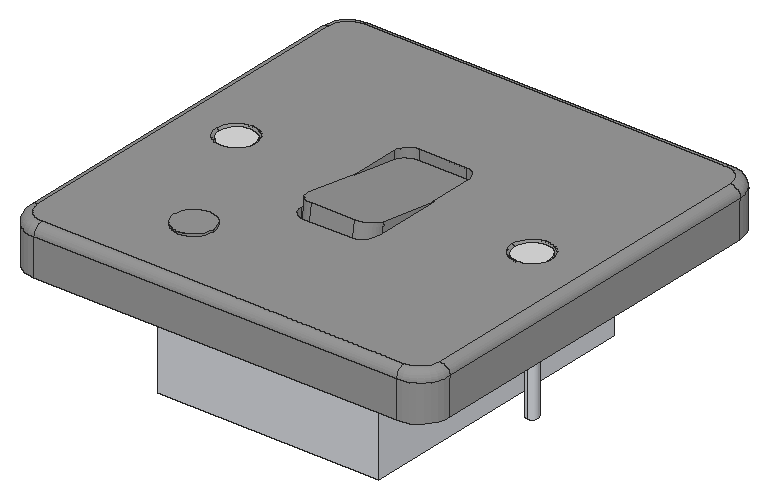
Revit family "ElectricalFixture_WiringAccessories_Hager_Sollysta_20ADoublePoleSwitches", category Electrical Fixtures, host Face, Revit 2015
Parameters (values of type "WMDP84FO/TD")
  Warranty ID = ""
  Voltage (Volts) = "230V/240V"
  Unique Reference = "WMDP84FO/TD"
  Type = "ElectricalFixture"
  Technical Description = "20ADoublePoleSwitchWithFlexOutletMarkedTumbleDryer"
  Switch = yes
  Supply Phase = "1"
  Size = ""
  Shipping Weight kg = "0.188"
  Shape = "Rectangular"
  Reference Standard = "BS 1363-2"
  Product URL = "http://www.hager.co.uk/product-catalogue/wiring-accessories/sollysta/white-moulded/white-moulded-sockets/58428.htm"
  Product Range = "Sollysta"
  Product Model Number = "WMDP84FO/TD"
  Product Literature = "http://www.hager.co.uk/product-catalogue/wiring-accessories/sollysta/38662.htm"
  Product Group = "WiringAccessories"
  Product Family = "WhiteMouldedSockets_20APoleSwitches"
  Packaging Recyclable = yes
  Overall Width = 0.0 mm
  Overall Length = 86.0 mm
  Overall Height = 86.0 mm
  Overall Depth = 26.07 mm
  Operation and Maintenance Manual = ""
  Name = "WhiteMouldedSocket_WMDP84FO/TD"
  Measurement Units = "mm"
  Material = Urea Formaldehyde Thermoset Plastic
  Manufacturer Website = "http://www.hager.co.uk/"
  Manufacturer Country = "United Kingdom"
  Manufacturer = "Hager"
  LED Indicator Switch = no
  Gross Weight kg = "0.165"
  Frequency = "50/60Hz"
  Flex Outlet = yes
  Finish = "Gloss"
  Features = "20ADoublePoleSwitchWithFlexOutletMarkedTumbleDryer"
  Extrusion From Wall = 11.921 mm
  Expected Life = "25 years"
  EAN Code = "5015652260448"
  Design Country = "China"
  Description = "20ADoublePoleSwitchWithFlexOutletMarkedTumbleDryer"
  Default Elevation = 1219.2 mm
  Colour = "SollystaWhite"
  CE Approval = yes
Types (27, lengths in mm): name | Unique Reference | Technical Description | Switch | Product Model Number | Name | LED Indicator Switch | Flex Outlet | Features | EAN Code | Description | Default Elevation
  WMDP84 | "WMDP84" | "20ADoublePoleSwitch" | yes | "WMDP84" | "WhiteMouldedSocket_WMDP84" | no | no | "20ADoublePoleSwitch" | "5015652260370" | "20ADoublePoleSwitch" | 1219.2
  WMDP84FO | "WMDP84FO" | "20ADoublePoleSwitchWithFlexOutlet" | yes | "WMDP84FO" | "WhiteMoldedSocket_WMSS82" | no | yes | "20ADoublePoleSwitchWithFlexOutlet" | "5015652260387" | "20ADoublePoleSwitchWithFlexOutlet" | 1219.2
  WMDP84N | "WMDP84N" | "20ADoublePoleSwitchWithLEDIndicator" | no | "WMDP84N" | "WhiteMouldedSocket_WMSS82" | yes | no | "20ADoublePoleSwitchWithLEDIndicator" | "5015652260516" | "20ADoublePoleSwitchWithLEDIndicator" | 300.0
  WMDP84FON | "WMDP84FON" | "20ADoublePoleSwitchWithLEDIndicatorAndFlexOutlet" | no | "WMDP84FON" | "WhiteMoldedSocket_WMDP84FON" | yes | yes | "20ADoublePoleSwitchWithLEDIndicatorAndFlexOutlet" | "5015652260523" | "20ADoublePoleSwitchWithLEDIndicatorAndFlexOutlet" | 300.0
  WMDP85N | "WMDP85N" | "20ADoublePoleSwitchWithLEDIndicatorMarkedWaterheater" | no | "WMDP85N" | "WhiteMouldedSocket_WMDP85N" | yes | no | "20ADoublePoleSwitchWithLEDIndicatorMarkedWaterheater" | "5015652260653" | "20ADoublePoleSwitchWithLEDIndicatorMarkedWaterheater" | 300.0
  WMDP84DW | "WMDP84DW" | "20ADPSwitchMkdDishwasher" | yes | "WMDP84DW" | "WhiteMouldedSocket_WMDP84DW" | no | no | "20ADPSwitchMkdDishwasher" | "5015654760151" | "20ADPSwitchMkdDishwasher" | 1219.2
  WMDP84/FRE | "WMDP84/FRE" | "20ADoublePoleSwitchMarkedFreezer" | yes | "WMDP84/FRE" | "WhiteMouldedSocket_WMDP84/FRE" | no | no | "20ADoublePoleSwitchMarkedFreezer" | "5015652260394" | "20ADoublePoleSwitchMarkedFreezer" | 1219.2
  WMDP84/FRI | "WMDP84/FRI" | "20ADoublePoleSwitchMarkedFridge" | yes | "WMDP84/FRI" | "WhiteMouldedSocket_WMDP84/FRI" | no | no | "20ADoublePoleSwitchMarkedFridge" | "5015652260417" | "20ADoublePoleSwitchMarkedFridge" | 1219.2
  WMDP84/TD | "WMDP84/TD" | "20ADoublePoleSwitchMarkedTumbleDryer" | yes | "WMDP84/TD" | "WhiteMouldedSocket_WMDP84/TD" | no | no | "20ADoublePoleSwitchMarkedTumbleDryer" | "5015652260431" | "20ADoublePoleSwitchMarkedTumbleDryer" | 1219.2
  WMDP84/WM | "WMDP84/WM" | "20ADoublePoleSwitchMarkedWashingMachine" | yes | "WMDP84/WM" | "WhiteMouldedSocket_WMDP84/WM" | no | no | "20ADoublePoleSwitchMarkedWashingMachine" | "5015652260455" | "20ADoublePoleSwitchMarkedWashingMachine" | 1219.2
  WMDP85FON | "WMDP85FON" | "20ADoublePoleSwitchWithLEDIndicatorAndFlexOutletMarkedWaterheater" | no | "WMDP85FON" | "WhiteMouldedSocket_WMDP85FON" | yes | yes | "20ADoublePoleSwitchWithLEDIndicatorAndFlexOutletMarkedWaterheater" | "5015652260660" | "20ADoublePoleSwitchWithLEDIndicatorAndFlexOutletMarkedWaterheater" | 300.0
  WMDP84FO/FRE | "WMDP84FO/FRE" | "20ADoublePoleSwitchWithFlexOutletMarkedFreezer" | yes | "WMDP84FO/FRE" | "WhiteMouldedSocket_WMDP84FO/FRE" | no | yes | "20ADoublePoleSwitchWithFlexOutletMarkedFreezer" | "5015652260400\r\n5015652260400" | "20ADoublePoleSwitchWithFlexOutletMarkedFreezer" | 1219.2
  WMDP84FO/FRI | "WMDP84FO/FRI" | "20ADoublePoleSwitchWithFlexOutletMarkedFridge" | yes | "WMDP84FO/FRI" | "WhiteMouldedSocket_WMDP84FO/FRI" | no | yes | "20ADoublePoleSwitchWithFlexOutletMarkedFridge" | "5015652260424" | "20ADoublePoleSwitchWithFlexOutletMarkedFridge" | 1219.2
  WMDP84FO/TD | "WMDP84FO/TD" | "20ADoublePoleSwitchWithFlexOutletMarkedTumbleDryer" | yes | "WMDP84FO/TD" | "WhiteMouldedSocket_WMDP84FO/TD" | no | yes | "20ADoublePoleSwitchWithFlexOutletMarkedTumbleDryer" | "5015652260448" | "20ADoublePoleSwitchWithFlexOutletMarkedTumbleDryer" | 1219.2
  WMDP84FO/WM | "WMDP84FO/WM" | "20ADoublePoleSwitchWithFlexOutletMarkedWashingMachine" | yes | "WMDP84FO/WM" | "WhiteMouldedSocket_WMDP84FO/WM" | no | yes | "20ADoublePoleSwitchWithFlexOutletMarkedWashingMachine" | "5015652260462" | "20ADoublePoleSwitchWithFlexOutletMarkedWashingMachine" | 1219.2
  WMDP84FON/DW | "WMDP84FON/DW" | "20ADoublePoleSwitchWithLEDIndicator&FlexOutletMarkedDishwasher" | no | "WMDP84FON/DW" | "WhiteMouldedSocket_WMDP84FO/DW" | yes | yes | "20ADoublePoleSwitchWithLEDIndicator&FlexOutletMarkedDishwasher" | "5015652260547" | "20ADoublePoleSwitchWithLEDIndicator&FlexOutletMarkedDishwasher" | 1219.2
  WMDP84FON/FAN | "WMDP84FON/FAN" | "20ADoublePoleSwitchWithLEDIndicator&FlexOutletMarkedFan" | no | "WMDP84FON/FAN" | "WhiteMouldedSocket_WMDP84FON/FAN" | yes | yes | "20ADoublePoleSwitchWithLEDIndicator&FlexOutletMarkedFan" | "5015652260561" | "20ADoublePoleSwitchWithLEDIndicator&FlexOutletMarkedFan" | 1219.2
  WMDP84FON/FRE | "WMDP84FON/FRE" | "20ADoublePoleSwitchWithLEDIndicator&FlexOutletMarkedFreezer" | no | "WMDP84FON/FRE" | "WhiteMouldedSocket_WMDP84FON/FRE" | yes | yes | "20ADoublePoleSwitchWithLEDIndicator&FlexOutletMarkedFreezer" | "5015652260585" | "20ADoublePoleSwitchWithLEDIndicator&FlexOutletMarkedFreezer" | 1219.2
  WMDP84FON/FRI | "WMDP84FON/FRI" | "20ADoublePoleSwitchWithLEDIndicator&FlexOutletMarkedFridge" | no | "WMDP84FON/FRI" | "WhiteMouldedSocket_WMDP84FON/FRI" | yes | yes | "20ADoublePoleSwitchWithLEDIndicator&FlexOutletMarkedFridge" | "5015652260608" | "20ADoublePoleSwitchWithLEDIndicator&FlexOutletMarkedFridge" | 1219.2
  WMDP84FON/TD | "WMDP84FON/TD" | "20ADoublePoleSwitchWithLEDIndicator&FlexOutletMarkedTumbleDryer" | no | "WMDP84FON/TD" | "WhiteMouldedSocket_WMDP84FON/TD" | yes | yes | "20ADoublePoleSwitchWithLEDIndicator&FlexOutletMarkedTumbleDryer" | "5015652260622" | "20ADoublePoleSwitchWithLEDIndicator&FlexOutletMarkedTumbleDryer" | 1219.2
  WMDP84FON/WM | "WMDP84FON/WM" | "20ADoublePoleSwitchWithLEDIndicator&FlexOutletMarkedWashingMachine" | no | "WMDP84FON/WM" | "WhiteMouldedSocket_WMDP84FON/WM" | yes | yes | "20ADoublePoleSwitchWithLEDIndicator&FlexOutletMarkedWashingMachine" | "5015652260646" | "20ADoublePoleSwitchWithLEDIndicator&FlexOutletMarkedWashingMachine" | 1219.2
  WMDP84N/DW | "WMDP84N/DW" | "20ADoublePoleSwitchWithLEDIndicatorMarkedDishwasher" | no | "WMDP84N/DW" | "WhiteMouldedSocket_WMDP84FON/WM" | yes | no | "20ADoublePoleSwitchWithLEDIndicatorMarkedDishwasher" | "5015652260530" | "20ADoublePoleSwitchWithLEDIndicatorMarkedDishwasher" | 1219.2
  WMDP84N/FAN | "WMDP84N/FAN" | "20ADoublePoleSwitchWithLEDIndicatorMarkedFan" | no | "WMDP84N/FAN" | "WhiteMouldedSocket_WMDP84N/FAN" | yes | no | "20ADoublePoleSwitchWithLEDIndicatorMarkedFan" | "5015652260554" | "20ADoublePoleSwitchWithLEDIndicatorMarkedFan" | 1219.2
  WMDP84N/FRE | "WMDP84N/FRE" | "20ADoublePoleSwitchWithLEDIndicatorMarkedFreezer" | no | "WMDP84N/FRE" | "WhiteMouldedSocket_WMDP84N/FRE" | yes | no | "20ADoublePoleSwitchWithLEDIndicatorMarkedFreezer" | "5015652260578" | "20ADoublePoleSwitchWithLEDIndicatorMarkedFreezer" | 1219.2
  WMDP84N/FRI | "WMDP84N/FRI" | "20ADoublePoleSwitchWithLEDIndicatorMarkedFridge" | no | "WMDP84N/FRI" | "WhiteMouldedSocket_WMDP84N/FRI" | yes | no | "20ADoublePoleSwitchWithLEDIndicatorMarkedFridge" | "5015652260592" | "20ADoublePoleSwitchWithLEDIndicatorMarkedFridge" | 1219.2
  WMDP84N/TD | "WMDP84N/TD" | "20ADoublePoleSwitchWithLEDIndicatorMarkedTumbledryer" | no | "WMDP84N/TD" | "WhiteMouldedSocket_WMDP84N/TD" | yes | no | "20ADoublePoleSwitchWithLEDIndicatorMarkedTumbledryer" | "5015652260615" | "20ADoublePoleSwitchWithLEDIndicatorMarkedTumbledryer" | 1219.2
  WMDP84N/WM | "WMDP84N/WM" | "20ADoublePoleSwitchWithLEDIndicatorMarkedWashingMachine" | no | "WMDP84N/WM" | "WhiteMouldedSocket_WMDP84N/WM" | yes | no | "20ADoublePoleSwitchWithLEDIndicatorMarkedWashingMachine" | "5015652260639" | "20ADoublePoleSwitchWithLEDIndicatorMarkedWashingMachine" | 1219.2
Reference planes
  plane 1 "Center (Front/Back)": y = 0
  plane 2: z = 0
  plane 3 "Center (Left/Right)": x = 0
  plane 4: y = -43
  plane 5: y = 43
  plane 6: x = -137
  plane 7: x = -51
  plane 8: z = 9.47
  plane 9: z = -16.6
  plane 10: z = 11.921
  plane 11: y = -471.393
  plane 12: z = -20.53
  plane 13: x = -124.15
  plane 14: x = -63.85
  plane 15: x = -93.992
Forms (mm)
  Extrusion 1, solid, material "Urea Formaldehyde Thermoset Plastic", detail levels fine
    sketch origin (0, 0, 0) x (1, 0, 0) y (0, 1, 0)
      loop
        arc (-137, -37.005) -> (-135.244, -41.244) -> (-131.005, -43) r 5.995
        line (-131.005, -43) -> (-57.017, -43)
        arc (-57.017, -43) -> (-52.762, -41.238) -> (-51, -36.983) r 6.017
        line (-51, -36.983) -> (-51, 37.035)
        arc (-51, 37.035) -> (-52.747, 41.253) -> (-56.965, 43) r 5.965
        line (-56.965, 43) -> (-131.018, 43)
        arc (-131.018, 43) -> (-135.248, 41.248) -> (-137, 37.018) r 5.982
        line (-137, 37.018) -> (-137, -37.005)
      loop
        circle (-124.15, 0) r 3.228
      loop
        circle (-63.85, 0) r 3.228
      loop
        line (-86.313, -11.794) -> (-86.313, 11.928)
        arc (-86.313, 11.928) -> (-87.135, 13.914) -> (-89.121, 14.736) r 2.808
        line (-89.121, 14.736) -> (-98.83, 14.736)
        arc (-98.83, 14.736) -> (-100.764, 13.935) -> (-101.565, 12.001) r 2.735
        line (-101.565, 12.001) -> (-101.565, -11.881)
        arc (-101.565, -11.881) -> (-100.775, -13.786) -> (-98.87, -14.576) r 2.694
        line (-98.87, -14.576) -> (-89.094, -14.576)
        arc (-89.094, -14.576) -> (-87.127, -13.761) -> (-86.313, -11.794) r 2.781
    from 0 to 9.47
  Sweep 2, void
    path origin (0, 0, 0) x (1, 0, 0) y (0, 1, 0)
      loop
        line (-137, 37.018) -> (-137, -37.005)
        arc (-137, -37.005) -> (-135.244, -41.244) -> (-131.005, -43) r 5.995
        line (-131.005, -43) -> (-57.017, -43)
        arc (-57.017, -43) -> (-52.762, -41.238) -> (-51, -36.983) r 6.017
        line (-51, -36.983) -> (-51, 37.035)
        arc (-51, 37.035) -> (-52.747, 41.253) -> (-56.965, 43) r 5.965
        line (-56.965, 43) -> (-131.018, 43)
        arc (-131.018, 43) -> (-135.248, 41.248) -> (-137, 37.018) r 5.982
    profile origin (-137, 0.007, 0) x (1, 0, 0) y (0, 0, 1)
      loop
        line (0, 9.47) -> (0, 7.462)
        arc (0, 7.462) -> (0.588, 8.882) -> (2.008, 9.47) r 2.008
        line (2.008, 9.47) -> (0, 9.47)
  Sweep 3, void
    path origin (0, 0, 0) x (1, 0, 0) y (0, 1, 0)
      loop
        circle (-63.85, 0) r 3.228
    profile origin (-63.85, 3.228, 0) x (0, -1, 0) y (0, 0, 1)
      loop
        line (0, 9.47) -> (-0.814, 9.47)
        arc (-0.814, 9.47) -> (-0.347, 9.123) -> (0, 8.656) r 2
        line (0, 8.656) -> (0, 9.47)
  Sweep 4, void
    path origin (0, 0, 0) x (1, 0, 0) y (0, 1, 0)
      loop
        circle (-124.15, 0) r 3.228
    profile origin (-124.15, 3.228, 0) x (0, 1, 0) y (0, 0, 1)
      loop
        line (0, 9.47) -> (0, 8.656)
        arc (0, 8.656) -> (0.346, 9.124) -> (0.814, 9.47) r 1.964
        line (0.814, 9.47) -> (0, 9.47)
  Extrusion 5, solid, material "Steel, Chrome Plated", detail levels fine
    sketch origin (0, 0, 0) x (1, 0, 0) y (0, 1, 0)
      loop
        circle (-124.15, 0) r 3.542
    from -1.167 to 9.196
  Extrusion 6, solid, material "Steel, Chrome Plated", detail levels fine
    sketch origin (0, 0, 0) x (-1, 0, 0) y (0, -1, 0)
      loop
        circle (63.85, 0) r 3.542
    from -1.167 to 9.196
  Extrusion 7, solid, detail levels medium
    sketch origin (0, 0, 0) x (1, 0, 0) y (0, 1, 0)
      loop
        line (-137, 43) -> (-137, -43) -> (-51, -43) -> (-51, 43) -> (-137, 43)
    from 0 to 9.47
  Extrusion 8, solid
    sketch origin (-184.307, 0, -1.167) x (0, 1, 0) y (-1, 0, 0)
      loop
        circle (0, -60.15) r 1.2
    from 0 to 19.363
  Extrusion 9, solid
    sketch origin (0, 0, -1.167) x (0, -1, 0) y (1, 0, 0)
      loop
        circle (0, -63.85) r 1.2
    from 0 to 19.363
  Extrusion 10, solid, material "Urea Formaldehyde Thermoset Plastic", detail levels medium
    sketch origin (0, 0, 0) x (1, 0, 0) y (0, 1, 0)
      loop
        line (-137, -43) -> (-51, -43) -> (-51, 43) -> (-137, 43) -> (-137, -43)
    from 0 to 9.47
  Extrusion 11, solid, material "Urea Formaldehyde Thermoset Plastic", visible <- "Switch", detail levels fine
    sketch origin (-18.717, -20.33, 3.542) x (1, 0, 0) y (0, 0.987688, -0.156434)
      loop
        arc (-82.848, 9.104) -> (-81.912, 6.845) -> (-79.653, 5.91) r 3.194
        line (-79.653, 5.91) -> (-70.877, 5.91)
        arc (-70.877, 5.91) -> (-68.557, 6.871) -> (-67.596, 9.191) r 3.281
        line (-67.596, 9.191) -> (-67.596, 32.07)
        arc (-67.596, 32.07) -> (-68.565, 34.409) -> (-70.904, 35.378) r 3.308
        line (-70.904, 35.378) -> (-72.778, 35.378) -> (-77.654, 35.378) -> (-79.613, 35.378)
        arc (-79.613, 35.378) -> (-81.9, 34.431) -> (-82.848, 32.143) r 3.235
        line (-82.848, 32.143) -> (-82.848, 9.104)
    from 0 to 9.42
  Extrusion 12, solid, material "Urea Formaldehyde Thermoset Plastic", visible <- "LED Indicator Switch", detail levels fine
    sketch origin (-18.717, 20.33, 3.542) x (1, 0, 0) y (0, 0.987688, 0.156434)
      loop
        line (-82.848, -9.104) -> (-82.848, -32.143)
        arc (-82.848, -32.143) -> (-81.9, -34.431) -> (-79.613, -35.378) r 3.235
        line (-79.613, -35.378) -> (-77.654, -35.378) -> (-72.778, -35.378) -> (-70.904, -35.378)
        arc (-70.904, -35.378) -> (-68.565, -34.409) -> (-67.596, -32.07) r 3.308
        line (-67.596, -32.07) -> (-67.596, -9.191)
        arc (-67.596, -9.191) -> (-68.557, -6.871) -> (-70.877, -5.91) r 3.281
        line (-70.877, -5.91) -> (-71.677, -5.91) -> (-71.677, -9.726) -> (-78.848, -9.726) -> (-78.848, -5.91) -> (-79.653, -5.91)
        arc (-79.653, -5.91) -> (-81.912, -6.845) -> (-82.848, -9.104) r 3.194
    from 0 to 9.42
  Extrusion 13, solid, material "LED Indicator", visible <- "LED Indicator Switch", detail levels fine
    sketch origin (0, 2.029, -1.893) x (1, 0, 0) y (0, 0.987649, 0.156681)
      loop
        line (-97.565, 9.203) -> (-90.394, 9.203) -> (-90.394, 13.019) -> (-97.565, 13.019) -> (-97.565, 9.203)
    from 7.064 to 11.923
  Extrusion 14, solid, material "Urea Formaldehyde Thermoset Plastic", visible <- "Flex Outlet", detail levels fine
    sketch origin (0, 0, 0) x (1, 0, 0) y (0, 1, 0)
      loop
        circle (-111.615, -26.562) r 4
    from 9.47 to 9.835
  Extrusion 15, solid, detail levels medium+fine
    sketch origin (0, 0, 0) x (1, 0, 0) y (0, 1, 0)
      loop
        line (-115.029, 28.544) -> (-115.029, -31.456) -> (-70.029, -31.456) -> (-70.029, 28.544) -> (-115.029, 28.544)
    from -20.53 to 0
Cuts and joins
  Sweep 2, Sweep 3, Sweep 4 cuts Extrusion 1
Lines and regions (mm)
  symbolic lines, style "ElectricalFixtures", not visible, detail levels coarse
    curve 1: line (73.42, -504.912, 19.451) -> (3.42, -504.912, 19.451)
    curve 2: arc (73.42, -504.912, 19.451) -> (38.42, -504.912, 54.451) -> (3.42, -504.912, 19.451) r 35
    curve 3: circle (38.42, -504.912, 54.451) r 6 normal (0, 1, 0)
    curve 4: line (38.42, -504.912, 54.451) -> (38.42, -504.912, 99.451)
    curve 5: line (38.42, -504.912, 99.451) -> (68.42, -504.912, 99.451)
    curve 6: line (38.42, -504.912, 54.451) -> (10.78, -504.912, 87.391)
    curve 7: line (10.78, -504.912, 87.391) -> (-3.315, -504.912, 75.564)
    curve 8: line (0.509, -504.912, 19.451) -> (-69.491, -504.912, 19.451)
    curve 9: arc (0.509, -504.912, 19.451) -> (-34.491, -504.912, 54.451) -> (-69.491, -504.912, 19.451) r 35
    curve 10: circle (-34.491, -504.912, 54.451) r 6 normal (0, 1, 0)
    curve 11: line (-34.491, -504.912, 54.451) -> (-34.491, -504.912, 99.451)
    curve 12: line (-34.491, -504.912, 99.451) -> (-4.491, -504.912, 99.451)
    curve 13: line (-34.491, -504.912, 54.451) -> (-62.13, -504.912, 87.391)
    curve 14: line (-62.13, -504.912, 87.391) -> (-76.226, -504.912, 75.564)
  model lines, detail levels coarse
    curve 15: line (-137, 43, 0) -> (-51, 43, 0)
    curve 16: line (-137, -43, 0) -> (-137, 43, 0)
    curve 17: line (-51, -43, 0) -> (-137, -43, 0)
    curve 18: line (-51, 43, 0) -> (-51, -43, 0)
    curve 19: arc (-120.108, 0, 0) -> (-124.15, -4.042, 0) -> (-128.192, 0, 0) r 4.042
    curve 20: arc (-128.192, 0, 0) -> (-124.15, 4.042, 0) -> (-120.108, 0, 0) r 4.042
    curve 21: arc (-59.808, 0, 0) -> (-63.85, -4.042, 0) -> (-67.892, 0, 0) r 4.042
    curve 22: arc (-67.892, 0, 0) -> (-63.85, 4.042, 0) -> (-59.808, 0, 0) r 4.042
  model lines
    curve 23: line (-101.565, 12.891, 0) -> (-101.565, -12.891, 0)
    curve 24: spline (-98.33, 16.086, 0) -> (-98.752, 16.059, 0) -> (-99.167, 15.977, 0) -> (-99.568, 15.843, 0) -> (-99.947, 15.658, 0) -> (-100.299, 15.426, 0) -> (-100.617, 15.15, 0) -> (-100.896, 14.836, 0) -> (-101.131, 14.489, 0) -> (-101.318, 14.114, 0) -> (-101.454, 13.718, 0) -> (-101.537, 13.308, 0) -> (-101.565, 12.891, 0)
    curve 25: line (-96.371, 16.086, 0) -> (-98.33, 16.086, 0)
    curve 26: line (-89.621, 16.086, 0) -> (-98.33, 16.086, 0)
    curve 28: spline (-86.313, 12.819, 0) -> (-86.341, 13.245, 0) -> (-86.425, 13.664, 0) -> (-86.564, 14.069, 0) -> (-86.756, 14.452, 0) -> (-86.996, 14.808, 0) -> (-87.282, 15.129, 0) -> (-87.607, 15.411, 0) -> (-87.967, 15.649, 0) -> (-88.355, 15.838, 0) -> (-88.765, 15.975, 0) -> (-89.189, 16.058, 0) -> (-89.621, 16.086, 0)
    curve 29: line (-86.313, -12.819, 0) -> (-86.313, 12.819, 0)
    curve 30: spline (-89.621, -16.086, 0) -> (-89.189, -16.058, 0) -> (-88.765, -15.975, 0) -> (-88.355, -15.838, 0) -> (-87.967, -15.649, 0) -> (-87.607, -15.411, 0) -> (-87.282, -15.129, 0) -> (-86.996, -14.808, 0) -> (-86.756, -14.452, 0) -> (-86.564, -14.069, 0) -> (-86.425, -13.664, 0) -> (-86.341, -13.245, 0) -> (-86.313, -12.819, 0)
    curve 31: line (-98.33, -16.086, 0) -> (-89.621, -16.086, 0)
    curve 32: spline (-101.565, -12.891, 0) -> (-101.537, -13.308, 0) -> (-101.454, -13.718, 0) -> (-101.318, -14.114, 0) -> (-101.131, -14.489, 0) -> (-100.896, -14.836, 0) -> (-100.617, -15.15, 0) -> (-100.299, -15.426, 0) -> (-99.947, -15.658, 0) -> (-99.568, -15.843, 0) -> (-99.167, -15.977, 0) -> (-98.752, -16.059, 0) -> (-98.33, -16.086, 0)
  model lines, visible <- "LED Indicator Switch"
    curve 27: line (-89.621, 16.086, 0) -> (-91.495, 16.086, 0)
    curve 35: line (-97.565, 9.25, 0) -> (-97.565, 16.086, 0)
    curve 36: line (-97.565, 9.25, 0) -> (-90.394, 9.25, 0)
    curve 37: line (-90.394, 9.25, 0) -> (-90.394, 16.086, 0)
  model lines, visible <- "Flex Outlet"
    curve 33: arc (-115.615, -26.562, 0) -> (-111.615, -30.562, 0) -> (-107.615, -26.562, 0) r 4
    curve 34: arc (-107.615, -26.562, 0) -> (-111.615, -22.562, 0) -> (-115.615, -26.562, 0) r 4
  symbolic lines, style "ElectricalFixtures", detail levels coarse
    curve 38: circle (-47.549, -504.912, 16.279) r 13.061 normal (0, -1, 0)
    curve 39: line (-60.604, -504.912, 16.677) -> (-142.815, -504.912, 16.677)
Dimensions and locks
  plane 10 to plane 9 = 28.521 mm
  plane 8 to plane 9 = 26.07 mm
  plane 2 to plane 9 = 16.6 mm
  "Overall Length": plane 6 to plane 7
  "Overall Height": plane 4 to plane 5
  "Overall Depth": plane 9 to plane 8
  plane 2 to plane 10 = 11.921 mm
  plane 8 to plane 12 = 30.0 mm
  aligned and locked: plane 2 to host face
  aligned and locked: level to host face
  aligned and locked: Extrusion 1 to plane 8
  aligned and locked: Extrusion 7 to plane 8
  aligned and locked: Extrusion 6 to Extrusion 8
  aligned and locked: Extrusion 9 to Extrusion 5
  aligned and locked: plane 12 to Extrusion 9
  aligned and locked: Extrusion 10 to plane 8
  aligned and locked: Extrusion 10 to level
  aligned and locked: Extrusion 13 to Extrusion 12  (x3)
  aligned and locked: Extrusion 14 to cut or joined group of Extrusion 1, Sweep 2, Sweep 3, Sweep 4
  aligned and locked: curve 23 to Extrusion 12
  aligned and locked: curve 25 to Extrusion 11
  aligned and locked: curve 26 to Extrusion 11
  aligned and locked: curve 29 to Extrusion 12
  aligned and locked: curve 31 to Extrusion 12
  aligned and locked: curve 33 to Extrusion 14
  aligned and locked: curve 34 to Extrusion 14
  aligned and locked: Extrusion 8 to Extrusion 15
  aligned and locked: level to Extrusion 15
Automatic sketch dimensions
  host sketch curve to host sketch curve = 2438.4 mm  (x2)
  Extrusion 1 sketch curve to plane 6 = 0.0 mm
  plane 5 to Extrusion 1 sketch curve = 0.0 mm
  plane 4 to Extrusion 1 sketch curve = 0.0 mm
  plane 1 "Center (Front/Back)" to Extrusion 1 sketch curve = 0.0 mm  (x2)
  Extrusion 1 sketch curve to plane 13 = 0.0 mm
  Extrusion 1 sketch curve to plane 14 = 0.0 mm
  plane 6 to Extrusion 1 sketch curve = 5.982 mm
  plane 6 to Extrusion 1 sketch curve = 5.995 mm
  plane 13 to Extrusion 1 sketch curve = 22.585 mm
  Extrusion 1 sketch curve to Extrusion 1 sketch curve = 2.694 mm
  Extrusion 1 sketch curve to Extrusion 1 sketch curve = 2.735 mm
  Extrusion 1 sketch curve to Extrusion 1 sketch curve = 9.709 mm
  Extrusion 1 sketch curve to Extrusion 1 sketch curve = 9.776 mm
  Extrusion 1 sketch curve to Extrusion 1 sketch curve = 2.808 mm
  Extrusion 1 sketch curve to plane 7 = 6.017 mm
  Extrusion 1 sketch curve to plane 7 = 5.965 mm
  plane 7 to Extrusion 1 sketch curve = 0.0 mm
  plane 1 "Center (Front/Back)" to Extrusion 1 sketch curve = 14.576 mm
  Extrusion 1 sketch curve to plane 1 "Center (Front/Back)" = 11.928 mm
  Sweep 2 sketch curve to plane 6 = 0.0 mm
  plane 5 to Sweep 2 sketch curve = 0.0 mm
  plane 4 to Sweep 2 sketch curve = 0.0 mm
  Sweep 2 sketch curve to Sweep 2 sketch curve = 5.982 mm
  plane 6 to Sweep 2 sketch curve = 5.995 mm
  Sweep 2 sketch curve to plane 7 = 6.017 mm
  Sweep 2 sketch curve to plane 7 = 5.965 mm
  plane 7 to Sweep 2 sketch curve = 0.0 mm
  profile plane to Sweep 2 sketch curve = 0.0 mm
  Sweep 2 sketch curve to Sweep 2 sketch curve = 2.008 mm
  level to Sweep 2 sketch curve = 7.462 mm
  plane 1 "Center (Front/Back)" to Sweep 3 sketch curve = 0.0 mm
  Sweep 3 sketch curve to plane 14 = 0.0 mm
  Sweep 3 sketch curve to profile plane = 0.0 mm
  Sweep 3 sketch curve to Sweep 3 sketch curve = 0.814 mm
  profile plane to Sweep 3 sketch curve = 1.761 mm
  level to Sweep 3 sketch curve = 7.709 mm
  Sweep 3 sketch curve to Sweep 3 sketch curve = 0.947 mm
  Sweep 4 sketch curve to Sweep 4 sketch curve = 0.0 mm  (x2)
  plane 1 "Center (Front/Back)" to Sweep 4 sketch curve = 0.0 mm
  Sweep 4 sketch curve to plane 13 = 0.0 mm
  Sweep 4 sketch curve to plane 13 = 3.228 mm
  Sweep 4 sketch curve to profile plane = 0.0 mm
  Sweep 4 sketch curve to profile plane = 0.814 mm
  Sweep 4 sketch curve to profile plane = 1.735 mm
  level to Sweep 4 sketch curve = 7.735 mm
  Sweep 4 sketch curve to Sweep 4 sketch curve = 0.921 mm
  Extrusion 5 sketch curve to Extrusion 5 sketch curve = 0.0 mm  (x2)
  plane 1 "Center (Front/Back)" to Extrusion 5 sketch curve = 0.0 mm
  Extrusion 5 sketch curve to plane 13 = 0.0 mm
  Extrusion 5 sketch curve to plane 13 = 3.542 mm
  Extrusion 6 sketch curve to Extrusion 6 sketch curve = 0.0 mm  (x2)
  plane 1 "Center (Front/Back)" to Extrusion 6 sketch curve = 0.0 mm
  plane 14 to Extrusion 6 sketch curve = 0.0 mm
  Extrusion 6 sketch curve to plane 14 = 3.542 mm
  plane 4 to Extrusion 7 sketch curve = 0.0 mm
  Extrusion 7 sketch curve to plane 6 = 0.0 mm
  Extrusion 7 sketch curve to plane 7 = 0.0 mm
  plane 5 to Extrusion 7 sketch curve = 0.0 mm
  plane 5 to Extrusion 10 sketch curve = 0.0 mm
  Extrusion 10 sketch curve to plane 6 = 0.0 mm
  Extrusion 10 sketch curve to plane 7 = 0.0 mm
  plane 4 to Extrusion 10 sketch curve = 0.0 mm
  curve 19 to curve 20 = 0.0 mm  (x2)
  curve 21 to curve 22 = 0.0 mm  (x2)
  plane 4 to curve 17 = 0.0 mm
  curve 17 to plane 6 = 0.0 mm
  plane 1 "Center (Front/Back)" to curve 19 = 0.0 mm
  curve 20 to plane 13 = 0.0 mm
  plane 1 "Center (Front/Back)" to curve 21 = 0.0 mm
  curve 22 to plane 14 = 0.0 mm
  curve 17 to plane 7 = 0.0 mm
  plane 5 to curve 16 = 0.0 mm
  curve 19 to plane 13 = 4.042 mm
  curve 21 to curve 21 = 4.042 mm
  plane 13 to Extrusion 11 sketch curve = 22.585 mm
  Extrusion 11 sketch curve to Extrusion 11 sketch curve = 3.194 mm
  Extrusion 11 sketch curve to Extrusion 11 sketch curve = 3.235 mm
  Extrusion 11 sketch curve to Extrusion 11 sketch curve = 1.959 mm
  Extrusion 11 sketch curve to Extrusion 11 sketch curve = 4.875 mm
  Extrusion 11 sketch curve to Extrusion 11 sketch curve = 1.874 mm
  Extrusion 11 sketch curve to Extrusion 11 sketch curve = 8.776 mm
  Extrusion 11 sketch curve to Extrusion 11 sketch curve = 3.281 mm
  Extrusion 11 sketch curve to Extrusion 11 sketch curve = 22.879 mm
  plane 13 to Extrusion 13 sketch curve = 26.585 mm
  Extrusion 13 sketch curve to Extrusion 13 sketch curve = 7.171 mm
  Extrusion 13 sketch curve to Extrusion 13 sketch curve = 3.816 mm
  plane 13 to Extrusion 14 sketch curve = 12.535 mm
  Extrusion 14 sketch curve to plane 4 = 16.438 mm
  plane 13 to Extrusion 12 sketch curve = 22.585 mm
  Extrusion 12 sketch curve to Extrusion 12 sketch curve = 3.194 mm
  Extrusion 12 sketch curve to Extrusion 12 sketch curve = 3.235 mm
  Extrusion 12 sketch curve to Extrusion 12 sketch curve = 0.806 mm
  Extrusion 12 sketch curve to Extrusion 12 sketch curve = 1.959 mm
  Extrusion 12 sketch curve to Extrusion 12 sketch curve = 4.875 mm
  Extrusion 12 sketch curve to Extrusion 12 sketch curve = 7.171 mm
  Extrusion 12 sketch curve to Extrusion 12 sketch curve = 1.874 mm
  Extrusion 12 sketch curve to Extrusion 12 sketch curve = 0.8 mm
  Extrusion 12 sketch curve to Extrusion 12 sketch curve = 3.308 mm
  Extrusion 12 sketch curve to Extrusion 12 sketch curve = 22.344 mm
  Extrusion 12 sketch curve to Extrusion 12 sketch curve = 0.535 mm
  Extrusion 12 sketch curve to Extrusion 12 sketch curve = 0.622 mm
  curve 23 to curve 31 = 3.235 mm
  curve 24 to curve 26 = 3.235 mm
  curve 24 to curve 36 = 0.765 mm
  curve 31 to curve 30 = 3.308 mm
  curve 26 to curve 28 = 3.308 mm
  curve 32 to curve 23 = 3.195 mm
  curve 31 to curve 29 = 3.268 mm
  curve 36 to curve 35 = 6.837 mm
  curve 29 to curve 28 = 3.268 mm
  curve 23 to curve 25 = 3.195 mm
  curve 35 to curve 25 = 1.194 mm
  curve 27 to curve 26 = 1.874 mm
  curve 37 to curve 28 = 0.773 mm
  plane 7 to curve 38 = 3.451 mm
  curve 38 to plane 10 = 4.359 mm
  plane 14 to curve 39 = 3.246 mm
  curve 39 to plane 6 = 5.815 mm
  curve 39 to plane 10 = 4.756 mm
  plane 13 to Extrusion 15 sketch curve = 9.121 mm
  Extrusion 15 sketch curve to plane 14 = 6.179 mm
  Extrusion 15 sketch curve to plane 4 = 11.544 mm
  plane 5 to Extrusion 15 sketch curve = 14.456 mm
  radius of Extrusion 1 sketch curve = 3.228 mm  (x2)
  radius of Sweep 3 sketch curve = 3.228 mm
  radius of Extrusion 8 sketch curve = 1.2 mm
  radius of Extrusion 9 sketch curve = 1.2 mm
  radius of Extrusion 14 sketch curve = 4.0 mm
Connectors
  electrical at (-94.001, 0.008, 0)
    settings: on cut or joined group of Extrusion 1, Sweep 2, Sweep 3, Sweep 4, index 1, voltage 230 V, apparent load 0 VA, apparent load phase1 0 VA, apparent load phase2 0 VA, apparent load phase3 0 VA, power factor 1, load classification "Other", number of poles 1, system type 31, power factor state 1, is connector primary yes, connector utility no, sub classification motor no, connector description ""
